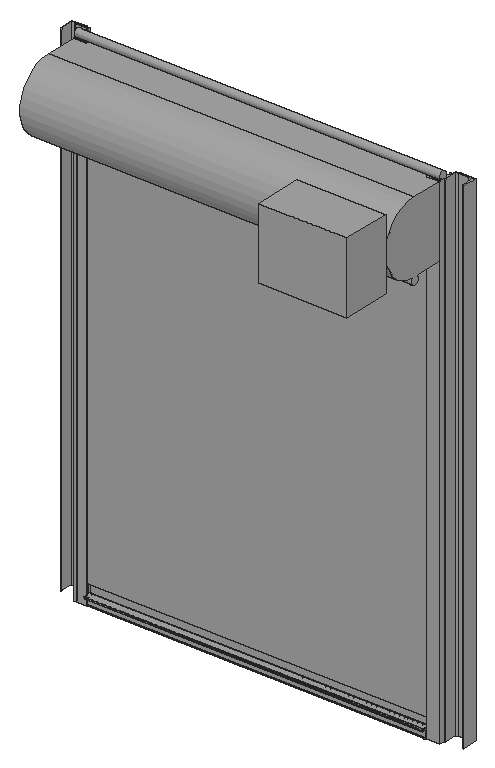
Revit family "Door-Fire_AlarmGard_BetweenJambMount_CornellIron", category Doors, host Wall, Revit 2013
Parameters (values of type "Motor Operated, Stainless Steel")
  Sizing Disclaimer = "30’ wide, 30’ high standard construction. Large Openings to 50’ wide, 40’ high consult factory. "  # constant formula
  Revit Object Download Link = "http://cornellcookson.smartbim.com/download/Door_Fire_AlarmGard_BetweenJambMount_CornellIron"
  Mounting = "Between Jambs"  # constant formula
  Motor = yes
  Function = Interior
  Curtain 2 5/8" slat = Stainless steel (curtain only)
  Chain = no
  Bottom Bar = Stainless steel (non-curtain components)
  Guides = Stainless steel (non-curtain components)
  Hood = Stainless steel (non-curtain components)
  URL Specifications = "http://www.cornelliron.com/docs/default-source/Specifications/fire-doors-specification.doc?sfvrsn=3"
  URL Photographs = "http://www.cornelliron.com/inspiration-customization/project-gallery"
  URL CAD = "http://www.cornelliron.com/architect-tools-and-resources/drawing-generator"
  URL = "http://www.cornelliron.com/fire.html"
  Subcategory = "Overhead Doors"  # constant formula
  Optional Powder Coated Finish, standard RAL colors, Galv. Steel only = no
  Operator = Operator : Motor Operator
  Representative Disclaimer = "Cornell products are sold and installed through a nationwide network of independent distributors."  # constant formula
  Distributor Locator = "http://www.cornelliron.com/contact-us"
  Operator Width = (Width - 2 * 0' 2 1/4")  # 7' - 7 1/2"
  Operation = ""
  From Coil Side Operate on Right = yes
  From Coil Side Operate on Left = not(From Coil Side Operate on Right)  # no
  Model = "ERD10 "  # constant formula
  Manufacturer = "Cornell Iron Works"  # constant formula
  LEED Information = "http://www.cornelliron.com/architect-tools-and-resources/leed-information"
  Height = 10' - 0"
  Wall Closure = By host
  Width = 8' - 0"
  Description = "Rated physical fire barriers, also security and access control. Not for part of required means of egress. "  # constant formula
  Operator Height = Height / 1.5  # 6' - 8"
  Assembly Code = "B2030410"
  95 CSI = "08330"  # constant formula
  Wall Construction = "Masonry or Steel"  # constant formula
  Listings = "UL Classified 4, 3, 1 ½, 1 and ¾ hour labels. Factory Mutual approval listing."  # constant formula
  Smoke Control = "UL leakage rated assembly “S” label available. "  # constant formula
  Windload = "A full range of specific wind load requirements available- consult Cornell. "  # constant formula
  Coil Dimension Note = "14In to 25In -  Consult Cornell when dimensions are critical."  # constant formula
  Jamb Dimension Note = "7 3/4In to 11In wide. Consult Cornell when dimensions are critical."  # constant formula
  04 CSI = "08 33 00"  # constant formula
Types (4): name | Motor | Curtain 2 5/8" slat | Chain | Bottom Bar | Guides | Hood | Operator | Operator Width | Height | Width | Operator Height
  Hand-Chain Operated, Galvanized Steel | no | Galvanized steel (curtain only) | yes | Galvanized or plain steel(non curtain components) | Galvanized or plain steel(non curtain components) | Galvanized or plain steel(non curtain components) | Operator : Hand-Chain | 5' - 7 1/2" | 8' - 0" | 6' - 0" | 5' - 4"
  Hand-Chain Operated, Stainless Steel | no | Stainless steel (curtain only) | yes | Stainless steel (non-curtain components) | Stainless steel (non-curtain components) | Stainless steel (non-curtain components) | Operator : Hand-Chain | 5' - 7 1/2" | 8' - 0" | 6' - 0" | 5' - 4"
  Motor Operated, Galvanized Steel | yes | Galvanized steel (curtain only) | no | Galvanized or plain steel(non curtain components) | Galvanized or plain steel(non curtain components) | Galvanized or plain steel(non curtain components) | Operator : Motor Operator | 5' - 7 1/2" | 8' - 0" | 6' - 0" | 5' - 4"
  Motor Operated, Stainless Steel | yes | Stainless steel (curtain only) | no | Stainless steel (non-curtain components) | Stainless steel (non-curtain components) | Stainless steel (non-curtain components) | Operator : Motor Operator | 7' - 7 1/2" | 10' - 0" | 8' - 0" | 6' - 8"
Reference planes (in)
  plane 1 "Center (Front/Back)": y = 0
  plane 2 "Center (Left/Right)": x = 36
  plane 3 "Left": x = -12
  plane 4 "Right": x = 84
  plane 5 "Top": z = 120
  plane 6 "Wall Edge": y = -3
  plane 7 "Left Edge of Hood": x = -18.75
  plane 8: y = -3
  plane 9 "Right Edge of Hood": x = 90.75
  plane 10 "Top of Hood": z = 142.35156
  plane 11: y = -21
  plane 12: z = 125
  plane 13 "Bottom Bar Alignment": y = -4.8765
  plane 14: z = 4.39975
  plane 15: y = -2.12013
  plane 16: x = -5.74865
  plane 17: x = 77.74865
  plane 18: x = -7.0625
  plane 19: z = 4.39975
  plane 20: x = 81.75
  plane 21: y = -10.65733
  plane 22: y = -18.31465
  plane 23: z = 111.32422
  plane 24: z = 102.64844
  plane 25: x = -15
  plane 26: y = -19.12488
  plane 27: y = -30.49988
  plane 28: y = -19.12488
Forms (in)
  Sweep 1, solid, material "Stainless steel (non-curtain components)" <- "Hood"
    path origin (0, -3, -22) x (-1, 0, 0) y (0, 0, 1)
      loop
        line (-79.5, 125) -> (7.5, 125)
    profile "Profile_Hood : Profile_Hood" origin (36, -3, 103) x (0, 0, 1) y (0, 1, 0)
      loop
        line (17.00521, 1.875) -> (0, 1.875) -> (0, -7.16941)
        arc (0, -7.16941) -> (-1.75191, -7.3972) -> (0, -7.625) r 0.89077
        arc (0, -7.625) -> (8.5, -16.125) -> (17, -7.625) r 8.5
        line (17, -7.625) -> (17, 0.77714)
        arc (17, 0.77714) -> (18.75706, 0.97356) -> (17.00521, 1.21203) r 0.89077
        line (17.00521, 1.21203) -> (17.00521, 1.875)
  Sweep 2, solid, material "Stainless steel (non-curtain components)" <- "Bottom Bar"
    path origin (-13.26514, -3, 48) x (-1, 0, 0) y (0, 0, 1)
      loop
        line (-89.51514, -48) -> (-9.01514, -48)
    profile "Profile_BottomBar : Profile_BottomBar" origin (36, -3, 0) x (0, 0, 1) y (0, 1, 0)
      loop
        arc (2.58725, 1.01891) -> (2.54306, 1.03721) -> (2.52475, 1.08141) r 0.0625
        line (2.52475, 1.08141) -> (2.52475, 2.83141)
        arc (2.52475, 2.83141) -> (2.50644, 2.8756) -> (2.46225, 2.89391) r 0.0625
        line (2.46225, 2.89391) -> (2.39975, 2.89391) -> (2.39975, 0.89391) -> (2.33875, 0.89391) -> (2.33875, 1.03591)
        arc (2.33875, 1.03591) -> (2.24825, 1.12641) -> (2.15775, 1.03591) r 0.0905
        line (2.15775, 1.03591) -> (2.15775, 0.94141) -> (2.09375, 0.94141) -> (2.09375, 2.72516) -> (1.96875, 2.72516) -> (1.96875, 1.97516)
        arc (1.96875, 1.97516) -> (1.93214, 1.88677) -> (1.84375, 1.85016) r 0.125
        line (1.84375, 1.85016) -> (0.25, 1.85016)
        arc (0.25, 1.85016) -> (0.07322, 1.77693) -> (0, 1.60016) r 0.25
        line (0, 1.60016) -> (0, 0.10016)
        arc (0, 0.10016) -> (0.07322, -0.07662) -> (0.25, -0.14984) r 0.25
        line (0.25, -0.14984) -> (1.84375, -0.14984)
        arc (1.84375, -0.14984) -> (1.93214, -0.18646) -> (1.96875, -0.27484) r 0.125
        line (1.96875, -0.27484) -> (1.96875, -1.02484) -> (2.09375, -1.02484) -> (2.09375, 0.81641) -> (2.15775, 0.81641) -> (2.15775, 0.72191)
        arc (2.15775, 0.72191) -> (2.24825, 0.63141) -> (2.33875, 0.72191) r 0.0905
        line (2.33875, 0.72191) -> (2.33875, 0.86391) -> (2.39975, 0.86391) -> (2.39975, -1.13609) -> (2.46225, -1.13609)
        arc (2.46225, -1.13609) -> (2.50644, -1.11779) -> (2.52475, -1.07359) r 0.0625
        line (2.52475, -1.07359) -> (2.52475, 0.67641)
        arc (2.52475, 0.67641) -> (2.54306, 0.7206) -> (2.58725, 0.73891) r 0.0625
        line (2.58725, 0.73891) -> (4.33725, 0.73891)
        arc (4.33725, 0.73891) -> (4.38144, 0.75721) -> (4.39975, 0.80141) r 0.0625
        line (4.39975, 0.80141) -> (4.39975, 0.95641)
        arc (4.39975, 0.95641) -> (4.38144, 1.0006) -> (4.33725, 1.01891) r 0.0625
        line (4.33725, 1.01891) -> (2.58725, 1.01891)
  Extrusion 3, solid, material "Stainless steel (non-curtain components)" <- "Hood"
    sketch origin (0, -0.73439, 101.99245) x (1, 0, 0) y (0, 1, 0)
      loop
        line (-7.0625, -0.39061) -> (79.0625, -0.39061) -> (79.0625, -0.26561) -> (-7.0625, -0.26561) -> (-7.0625, -0.39061)
    from 0.65599 to 18.00755
  Extrusion 4, solid, material "Stainless steel (curtain only)" <- "Curtain 2 5/8" slat"
    sketch origin (0, 0, 0) x (1, 0, 0) y (0, 1, 0)
      loop
        line (-6.4375, -1.875) -> (-6.4375, -2.5) -> (78.4375, -2.5) -> (78.4375, -1.875) -> (-6.4375, -1.875)
    from 4.39975 to 102.64844
Lines and regions (in)
  Opening 1
    outline origin (-90, -3, 0) x (1, 0, 0) y (0, 0, 1)
      loop
        line (78, 0) -> (174, 0) -> (174, 120) -> (78, 120) -> (78, 0)
  symbolic lines, style "Roller Chamber"
    curve 1: line (-7.5, -3, 0) -> (-12, -3, 0)
    curve 2: line (84, -3, 0) -> (79.5, -3, 0)
  symbolic lines, style "Doors"
    curve 3: line (78.4375, -1.875, 0) -> (-6.4375, -1.875, 0)
    curve 4: line (-6.4375, -1.875, 0) -> (-6.4375, -2.5, 0)
    curve 5: line (-6.4375, -2.5, 0) -> (78.4375, -2.5, 0)
    curve 6: line (78.4375, -2.5, 0) -> (78.4375, -1.875, 0)
    curve 7: line (-4.25, -0.10609, 0) -> (76.25, -0.10609, 0)
    curve 8: line (-4.25, -4.13609, 0) -> (-4.25, -2.5, 0)
    curve 9: line (76.25, -4.13609, 0) -> (-4.25, -4.13609, 0)
    curve 10: line (76.25, -0.10609, 0) -> (76.25, -1.875, 0)
    curve 11: line (-4.25, -1.875, 0) -> (-4.25, -0.10609, 0)
    curve 12: line (76.25, -2.5, 0) -> (76.25, -4.13609, 0)
Text (in)
  text "Exterior" at (-74.96733, 27.31104, 0), in view "Ref. Level"
  text "Interior" at (-74.96733, -25.14366, 0), in view "Ref. Level"
  text "Exterior" at (0, 40.15149, 123.01588), in view "Right"
  text "Interior" at (0, -64.39139, 123.01588), in view "Right"
  text "Interior" at (0, -63.63426, 123.00693), in view "Left"
  text "Exterior" at (0, 54.57065, 123.00693), in view "Left"
Dimensions and locks (in)
  equal spacing: plane 3 "Left", plane 2 "Center (Left/Right)", plane 4 "Right"
  "Height": level to plane 5 "Top"
  "Width": plane 3 "Left" to plane 4 "Right"
  locked: plane 7 "Left Edge of Hood" to plane 3 "Left" at 6.75
  locked: plane 8 to plane 6 "Wall Edge"
  locked: plane 9 "Right Edge of Hood" to plane 4 "Right" at 6.75
  locked: plane 8 to plane 11 at 18
  locked: plane 12 to plane 5 "Top" at 5
  locked: plane 10 "Top of Hood" to plane 12 at 17.35156
  locked: plane 13 "Bottom Bar Alignment" to plane 8 at 1.8765
  locked: level to plane 14 at 4.39975
  locked: plane 15 to host wall at 2.12013
  locked: plane 3 "Left" to plane 16 at 6.25135
  locked: plane 17 to plane 4 "Right" at 6.25135
  locked: Extrusion 3 sketch curve to Extrusion 3 sketch curve at 0.125
  locked: Extrusion 3 to Extrusion 3 at 0.125
  locked: plane 18 to plane 16 at 1.31385
  locked: level to plane 19 at 4.39975
  Extrusion 3 to Extrusion 3 = 1' - 5 45/128"
  equal spacing: Sweep 1, plane 20, plane 4 "Right"
  equal spacing: plane 6 "Wall Edge", plane 21, plane 22
  locked: plane 8 to plane 22 at 15.31465
  equal spacing: plane 5 "Top", plane 23, plane 24
  locked: plane 5 "Top" to plane 24 at 17.35156
  plane 25 to plane 3 "Left" to Sweep 1 = 0' - 3", 0' - 4 1/2"
  locked: plane 11 to plane 26 at 1.87512
  locked: Sweep 1 to Extrusion 3 sketch curve at 0
  locked: plane 18 to Extrusion 4 sketch curve at 0.625
  locked: Extrusion 4 sketch curve to nested 2 at 0.625
  locked: nested 2 to Extrusion 4 sketch curve at 0.25
  locked: Extrusion 4 sketch curve to Extrusion 4 sketch curve at 0.625
  Sweep 1 to Sweep 1 = 1' - 5"
  locked: plane 28 to plane 27 at 11.375
  locked: host wall to plane 28 at 16.12488
  aligned and locked: plane 3 "Left" to Opening 1 sketch curve
  aligned and locked: plane 5 "Top" to Opening 1 sketch curve  (x2)
  aligned and locked: Opening 1 sketch curve to plane 4 "Right"
  aligned and locked: Opening 1 sketch curve to level
  aligned and locked: plane 6 "Wall Edge" to host wall
  aligned and locked: plane 8 to nested 1
  aligned and locked: nested 2 to plane 8
  aligned and locked: nested 1 to Sweep 1 sketch curve
  aligned and locked: nested 2 to Sweep 1 sketch curve
  aligned and locked: plane 3 "Left" to nested 1
  aligned and locked: plane 4 "Right" to nested 2
  aligned and locked: plane 18 to nested 1
  aligned and locked: nested 1 to Extrusion 3
  aligned and locked: Extrusion 3 to nested 2
  aligned and locked: nested 2 to Sweep 2 sketch curve
  aligned and locked: nested 1 to Sweep 2 sketch curve
  aligned and locked: plane 3 "Left" to curve 1
  aligned and locked: Sweep 1 to curve 1
  aligned and locked: plane 6 "Wall Edge" to curve 1
  aligned and locked: plane 4 "Right" to curve 2
  aligned and locked: plane 6 "Wall Edge" to curve 2
  aligned and locked: Extrusion 4 to plane 19
  aligned and locked: Extrusion 4 to plane 24
  aligned and locked: plane 26 to nested 3  (x2)
  aligned and locked: nested 3 to plane 5 "Top"
  aligned and locked: plane 27 to nested 3
  aligned and locked: plane 28 to nested 3
  aligned and locked: Sweep 1 to plane 5 "Top"
  aligned and locked: plane 2 "Center (Left/Right)" to nested 3
  aligned and locked: plane 24 to Extrusion 3
  aligned and locked: Extrusion 3 to plane 5 "Top"
  aligned and locked: Sweep 1 to curve 2
  aligned and locked: level to nested 2
  aligned and locked: nested 1 to level
  aligned and locked: plane 19 to Sweep 2
  aligned and locked: curve 3 to Extrusion 4
  aligned and locked: curve 4 to Extrusion 4
  aligned and locked: curve 5 to Extrusion 4
  aligned and locked: curve 6 to Extrusion 4
  aligned and locked: curve 7 to Sweep 2
  aligned and locked: curve 8 to Sweep 2
  aligned and locked: curve 9 to Sweep 2
  aligned and locked: curve 10 to Sweep 2
Automatic sketch dimensions
  Sweep 1 sketch curve to plane 24 = 0' - 0 45/128"
  Sweep 2 sketch curve to level = 0' - 0"
  Extrusion 3 sketch curve to plane 18 = 0' - 0"
  plane 17 to Extrusion 3 sketch curve = 0' - 1.31385"
  curve 4 to plane 18 = 0' - 0 5/8"
  plane 15 to curve 6 = 0' - 0.24513"
  plane 17 to curve 6 = 0' - 0.68885"
  curve 6 to plane 15 = 0' - 0.37987"
  plane 15 to curve 11 = 0' - 0.24513"
  curve 12 to plane 15 = 0' - 0.37987"
  curve 9 to plane 17 = 0' - 1.49865"
  plane 15 to curve 10 = 0' - 0.24513"
  curve 11 to plane 16 = 0' - 1.49865"
  curve 8 to plane 15 = 0' - 0.37987"
Nested families (in)
  nested 1: "Jamb_Guide-Wall" at (-9.75, 1.75, 0), type "Guide"
    with Height 10' - 0"
  nested 2: "Jamb_Guide-Wall" at (81.75, 1.75, 0) x (-1, 0, 0) z (0, 0, 1), type "Guide"
    with Height 10' - 0"
  nested 3: "Operator" at (36, -1.12488, 31.50391), type <- "Operator", type "Motor Operator"
    with Width 8' - 0", Operator Height 6' - 8"
Definition of nested family "Jamb_Guide-Wall"
  Parameters (values of type "Guide")
    Height = 8' - 0"
    Guide = Galvanized or plain steel(non curtain components)
    Assembly Code = ""
  Reference planes (in)
    plane 1 "Center (Front/Back)": y = 0
    plane 2: z = 0
    plane 3 "Center (Left/Right)": x = 0
    plane 4: z = 96
    plane 5 "Center Line": x = 4.5
    plane 6: y = -0.25
    plane 7: y = -3.75
    plane 8: y = -3.5
    plane 9: x = 5.5
    plane 10: x = -2.25
    plane 11: y = 0.25
    plane 12: y = -4.75
    plane 13: y = -2.25
  Forms (in)
    Extrusion 1, solid, material "Galvanized or plain steel(non curtain components)" <- "Guide"
      sketch origin (0, 0, 0) x (1, 0, 0) y (0, 1, 0)
        loop
          line (-1, -0.25) -> (1.625, -0.25)
          arc (1.625, -0.25) -> (1.89017, -0.35983) -> (2, -0.625) r 0.375
          line (2, -0.625) -> (2, -3.25)
          arc (2, -3.25) -> (2.07322, -3.42678) -> (2.25, -3.5) r 0.25
          line (2.25, -3.5) -> (2.25, -4.75) -> (5.25, -4.75)
          arc (5.25, -4.75) -> (5.17678, -4.57322) -> (5, -4.5) r 0.25
          line (5, -4.5) -> (2.875, -4.5)
          arc (2.875, -4.5) -> (2.60983, -4.39017) -> (2.5, -4.125) r 0.375
          line (2.5, -4.125) -> (2.5, -3.062) -> (4, -3.062) -> (4, -3.4375) -> (4.75, -3.4375) -> (4.75, -3.062) -> (5.5, -3.062)
          arc (5.5, -3.062) -> (5.44508, -2.92942) -> (5.3125, -2.8745) r 0.1875
          line (5.3125, -2.8745) -> (3, -2.8745)
          arc (3, -2.8745) -> (2.77903, -2.78297) -> (2.6875, -2.562) r 0.3125
          line (2.6875, -2.562) -> (2.6875, -1.2495)
          arc (2.6875, -1.2495) -> (2.63258, -1.11692) -> (2.5, -1.062) r 0.1875
          line (2.5, -1.062) -> (2.5, -1.5)
          arc (2.5, -1.5) -> (2.42678, -1.32322) -> (2.25, -1.25) r 0.25
          line (2.25, -1.25) -> (2.25, 0) -> (-1.25, 0)
          arc (-1.25, 0) -> (-1.17678, -0.17678) -> (-1, -0.25) r 0.25
      from 0 to 96
    Extrusion 2, solid, material "Galvanized or plain steel(non curtain components)" <- "Guide"
      sketch origin (0, 0.25, 0) x (-1, 0, 0) y (0, -1, 0)
        loop
          arc (-1, 0.25) -> (-1.17678, 0.17678) -> (-1.25, 0) r 0.25
          line (-1.25, 0) -> (2.25, 0) -> (2.25, 3.5)
          arc (2.25, 3.5) -> (2.07322, 3.42678) -> (2, 3.25) r 0.25
          line (2, 3.25) -> (2, 0.625)
          arc (2, 0.625) -> (1.89017, 0.35983) -> (1.625, 0.25) r 0.375
          line (1.625, 0.25) -> (-1, 0.25)
      from 0 to 96
  Lines and regions (in)
    symbolic lines
      curve 1: line (2.25, 0, 0) -> (2.25, -4.75, 0)
      curve 2: line (2.5, -3.5, 0) -> (2.5, -1.5, 0)
      curve 3: line (4, -3.062, 0) -> (4.75, -3.062, 0)
    symbolic lines, style "GenericModel"
      curve 4: line (2.25, 0, 0) -> (-1.625, 0, 0)
      curve 5: line (-2, -3, 0) -> (-2, -0.375, 0)
      curve 6: arc (-2, -0.375, 0) -> (-1.89017, -0.10983, 0) -> (-1.625, 0, 0) r 0.375
      curve 7: arc (-2.25, -3.25, 0) -> (-2.07322, -3.17678, 0) -> (-2, -3, 0) r 0.25
      curve 8: line (-2.25, 0.25, 0) -> (-2.25, -3.25, 0)
      curve 9: line (1.25, 0.25, 0) -> (-2.25, 0.25, 0)
      curve 10: arc (1, 0, 0) -> (1.17678, 0.07322, 0) -> (1.25, 0.25, 0) r 0.25
      curve 11: line (-1, -0.25, 0) -> (1.625, -0.25, 0)
      curve 12: arc (-1.25, 0, 0) -> (-1.17678, -0.17678, 0) -> (-1, -0.25, 0) r 0.25
      curve 13: arc (1.625, -0.25, 0) -> (1.89017, -0.35983, 0) -> (2, -0.625, 0) r 0.375
      curve 14: line (2, -0.625, 0) -> (2, -3.25, 0)
      curve 15: arc (2, -3.25, 0) -> (2.07322, -3.42678, 0) -> (2.25, -3.5, 0) r 0.25
      curve 16: line (2.25, 0, 0) -> (2.25, -4.75, 0)
      curve 17: line (2.25, -4.75, 0) -> (5.25, -4.75, 0)
      curve 18: arc (5.25, -4.75, 0) -> (5.17678, -4.57322, 0) -> (5, -4.5, 0) r 0.25
      curve 19: line (5, -4.5, 0) -> (2.875, -4.5, 0)
      curve 20: arc (2.875, -4.5, 0) -> (2.60983, -4.39017, 0) -> (2.5, -4.125, 0) r 0.375
      curve 21: arc (2.5, -1.5, 0) -> (2.42678, -1.32322, 0) -> (2.25, -1.25, 0) r 0.25
      curve 22: arc (2.6875, -1.2495, 0) -> (2.63258, -1.11692, 0) -> (2.5, -1.062, 0) r 0.1875
      curve 23: line (2.6875, -2.562, 0) -> (2.6875, -1.2495, 0)
      curve 24: arc (3, -2.8745, 0) -> (2.77903, -2.78297, 0) -> (2.6875, -2.562, 0) r 0.3125
      curve 25: line (5.3125, -2.8745, 0) -> (3, -2.8745, 0)
      curve 26: arc (5.5, -3.062, 0) -> (5.44508, -2.92942, 0) -> (5.3125, -2.8745, 0) r 0.1875
      curve 27: line (4.75, -3.062, 0) -> (5.5, -3.062, 0)
      curve 28: line (4.75, -3.4375, 0) -> (4.75, -3.062, 0)
      curve 29: line (4, -3.4375, 0) -> (4.75, -3.4375, 0)
      curve 30: line (4, -3.062, 0) -> (4, -3.4375, 0)
      curve 31: line (2.5, -3.062, 0) -> (4.75, -3.062, 0)
      curve 32: line (2.5, -4.125, 0) -> (2.5, -1.062, 0)
  Dimensions and locks (in)
    "Height": plane 4 to plane 2
    locked: plane 3 "Center (Left/Right)" to plane 5 "Center Line" at 4.5
    equal spacing: plane 11, plane 13, plane 12
    aligned and locked: plane 2 to level
    aligned and locked: plane 1 "Center (Front/Back)" to Extrusion 1 sketch curve
    aligned and locked: plane 6 to Extrusion 1
    aligned and locked: plane 4 to Extrusion 1
    aligned and locked: plane 8 to curve 2
    aligned and locked: Extrusion 1 to curve 2
    aligned and locked: Extrusion 1 to curve 3
    aligned and locked: curve 3 to Extrusion 1
    aligned and locked: plane 4 to Extrusion 2
    aligned and locked: curve 4 to Extrusion 1
    aligned and locked: curve 5 to Extrusion 2
    aligned and locked: curve 6 to Extrusion 2
    aligned and locked: curve 7 to Extrusion 2
    aligned and locked: curve 8 to Extrusion 2
    aligned and locked: curve 9 to Extrusion 2
    aligned and locked: curve 10 to Extrusion 2
    aligned and locked: curve 12 to Extrusion 1
    aligned and locked: curve 13 to Extrusion 1
    aligned and locked: curve 15 to Extrusion 1
    aligned and locked: curve 16 to Extrusion 1
    aligned and locked: curve 17 to Extrusion 1
    aligned and locked: curve 18 to Extrusion 1
    aligned and locked: curve 20 to Extrusion 1
    aligned and locked: curve 21 to Extrusion 1
    aligned and locked: curve 22 to Extrusion 1
    aligned and locked: curve 24 to Extrusion 1
    aligned and locked: curve 26 to Extrusion 1
    aligned and locked: curve 27 to Extrusion 1
    aligned and locked: curve 28 to Extrusion 1
    aligned and locked: curve 29 to Extrusion 1
    aligned and locked: curve 31 to Extrusion 1
  Automatic sketch dimensions
    Extrusion 1 sketch curve to plane 6 = 0' - 0"
    Extrusion 1 sketch curve to plane 8 = 0' - 0"
    Extrusion 1 sketch curve to plane 3 "Center (Left/Right)" = 0' - 1 1/4"
    Extrusion 1 sketch curve to plane 6 = 0' - 0 3/8"
    plane 3 "Center (Left/Right)" to Extrusion 1 sketch curve = 0' - 1 5/8"
    Extrusion 1 sketch curve to Extrusion 1 sketch curve = 0' - 0 1/4"  (x5)
    Extrusion 1 sketch curve to Extrusion 1 sketch curve = 0' - 0 3/16"  (x2)
    Extrusion 1 sketch curve to Extrusion 1 sketch curve = 0' - 0 3/8"
    Extrusion 1 sketch curve to Extrusion 1 sketch curve = 0' - 0 5/16"
    Extrusion 1 sketch curve to plane 5 "Center Line" = 0' - 0 1/2"
    plane 5 "Center Line" to Extrusion 1 sketch curve = 0' - 0 1/4"
    plane 5 "Center Line" to Extrusion 1 sketch curve = 0' - 0 1/2"
    Extrusion 1 sketch curve to Extrusion 1 sketch curve = 0' - 0 9/16"
    plane 7 to Extrusion 1 sketch curve = 0' - 0 3/8"
    Extrusion 1 sketch curve to plane 8 = 0' - 0 1/16"
    Extrusion 1 sketch curve to Extrusion 1 sketch curve = 0' - 0.3755"  (x2)
    Extrusion 1 sketch curve to Extrusion 1 sketch curve = 0' - 0 7/8"
    Extrusion 1 sketch curve to Extrusion 1 sketch curve = 0' - 0.2505"
    Extrusion 2 sketch curve to plane 1 "Center (Front/Back)" = 0' - 0 1/4"
    plane 6 to Extrusion 2 sketch curve = 0' - 0 1/4"
    plane 3 "Center (Left/Right)" to Extrusion 2 sketch curve = 0' - 1 1/4"
    Extrusion 2 sketch curve to plane 6 = 0' - 0 1/8"
    Extrusion 2 sketch curve to plane 3 "Center (Left/Right)" = 0' - 1 5/8"
    Extrusion 2 sketch curve to plane 8 = 0' - 0 1/4"
    Extrusion 2 sketch curve to Extrusion 2 sketch curve = 0' - 0 1/4"
    curve 8 to plane 10 = 0' - 0"
    curve 8 to plane 8 = 0' - 0 1/4"
    curve 5 to plane 6 = 0' - 0 1/8"
    plane 10 to curve 5 = 0' - 0 1/4"
Definition of nested family "Operator"
  Parameters (values of type "Motor Operator")
    Width = 6' - 0"
    Straight = no
    Right Visibility = yes
    Operator Height = 5' - 4"
    Motor Visibility = not(Motor)  # no
    Motor = yes
    Material = Galvanized or plain steel(non curtain components)
    Left Visibility = no
    Chain = no
    Bottom Bar = Galvanized or plain steel(non curtain components)
    Assembly Code = ""
  Types (2): name | Straight | Motor Visibility | Motor | Chain
    Hand-Chain | yes | yes | no | yes
    Motor Operator | no | no | yes | no
  Reference planes (in)
    plane 1 "Center (Front/Back)": y = 0
    plane 2: z = 0
    plane 3 "Center (Left/Right)": x = 0
    plane 4: x = 36
    plane 5: x = -36
    plane 6: x = 31.5
    plane 7: x = -31.5
    plane 8: y = -18
  Lines and regions (in)
    symbolic lines, style "GenericModelHiddenLines", visible <- "Right Visibility"
      curve 1: line (-31.5, -18, 0) -> (10.5, -18, 0)
    symbolic lines, style "GenericModelHiddenLines", visible <- "Left Visibility"
      curve 2: line (-10.5, -18, 0) -> (31.5, -18, 0)
    symbolic lines, style "GenericModelHiddenLines", visible <- "Straight"
      curve 3: line (-31.5, -18, 0) -> (31.5, -18, 0)
    symbolic lines, style "GenericModelHiddenLines", visible <- "Motor Visibility"
      curve 4: line (-31.5, -18, 0) -> (31.5, -18, 0)
    symbolic lines, style "GenericModelHiddenLines"
      curve 5: line (-31.5, -18, 0) -> (-31.5, -1.875, 0)
      curve 6: line (31.5, -18, 0) -> (31.5, -1.875, 0)
  Dimensions and locks (in)
    equal spacing: plane 5, plane 3 "Center (Left/Right)", plane 4
    "Width": plane 5 to plane 4
    locked: plane 6 to plane 4 at 4.5
    locked: plane 5 to plane 7 at 4.5
    locked: plane 1 "Center (Front/Back)" to plane 8 at 18
    locked: curve 5 to plane 1 "Center (Front/Back)" at 1.875
    locked: curve 6 to plane 1 "Center (Front/Back)" at 1.875
    aligned and locked: nested 2 to nested 1  (x2)
    aligned and locked: nested 3 to plane 8
    aligned and locked: nested 2 to plane 8
    aligned and locked: nested 1 to plane 6
    aligned and locked: nested 3 to plane 7
    aligned and locked: nested 4 to plane 7
    aligned and locked: nested 4 to plane 8
    aligned and locked: nested 1 to curve 1
    aligned and locked: curve 1 to plane 8
    aligned and locked: nested 4 to curve 2
    aligned and locked: curve 2 to plane 8
    aligned and locked: plane 6 to curve 4
    aligned and locked: curve 5 to plane 7
    aligned and locked: plane 8 to curve 6
  Nested families (in)
    nested 1: "Pull-Down-Pole" at (37.375, -8.5, 0), visible <- "Right Visibility", type "Right Operator"
    nested 2: "Motor" at (10.5, -18, 0), visible <- "Right Visibility", type "Motor"
    nested 3: "Motor" at (-31.5, -18, 0), visible <- "Left Visibility", type "Motor 2"
    nested 4: "Pull-Down-Pole" at (-37.375, -8.5, 0) x (-1, 0, 0) z (0, 0, 1), visible <- "Left Visibility", type "Left Operator"
  Definition of nested family "Pull-Down-Pole"
    Parameters (values of type "Left Operator")
      Motor = yes
      Material = Galvanized or plain steel(non curtain components)
      Height = 5' - 4"
      Chain = no
      Bottom Bar = Galvanized or plain steel(non curtain components)
      Assembly Code = ""
    Types (2): name
      Left Operator
      Right Operator
    Reference planes (in)
      plane 1 "Center (Front/Back)": y = 0
      plane 2: z = 0
      plane 3 "Center (Left/Right)": x = 0
      plane 4: z = 64
      plane 5: y = -9.5
      plane 6: y = -20.875
      plane 7: x = -26.875
    Forms (in)
      Extrusion 1, solid, material "Galvanized or plain steel(non curtain components)" <- "Material", visible <- "Motor"
        sketch origin (0, 0, 0) x (1, 0, 0) y (0, 0, 1)
          loop
            line (-26.875, 72.49609) -> (-26.875, 55.49609) -> (-5.875, 55.49609) -> (-5.875, 72.49609) -> (-26.875, 72.49609)
        from 9.5 to 20.875
      Sweep 2, solid, material "Galvanized or plain steel(non curtain components)" <- "Material", visible <- "Chain"
        path origin (0, 2, 0) x (1, 0, 0) y (0, 0, 1)
          loop
            line (-4.875, 64) -> (-4.875, 0)
            arc (-4.875, 0) -> (-3.75, -1.125) -> (-2.625, 0) r 1.125
            line (-2.625, 0) -> (-2.625, 64)
        profile origin (-4.875, 2, 32) x (0, -1, 0) y (1, 0, 0)
          loop
            circle (0, 0) r 0.15023
      Extrusion 3, solid, material "Galvanized or plain steel(non curtain components)" <- "Bottom Bar", visible <- "Chain"
        sketch origin (54.75, -180, 26.95339) x (0, 0, 1) y (0, -1, 0)
          loop
            line (28.56386, -188.5) -> (45.54661, -188.5) -> (45.54661, -179)
            arc (45.54661, -179) -> (37.31743, -170.50432) -> (28.56386, -178.45863) r 8.5
            line (28.56386, -178.45863) -> (28.56386, -188.5)
        from -56.125 to -60.625
    Dimensions and locks (in)
      "Height": plane 4 to level
      locked: Extrusion 1 sketch curve to Extrusion 1 sketch curve at 21
      locked: plane 4 to Extrusion 1 sketch curve at 8.50391
      locked: Extrusion 1 sketch curve to plane 4 at 8.49609
      locked: plane 1 "Center (Front/Back)" to plane 5 at 9.5
      locked: plane 5 to plane 6 at 11.375
      locked: Sweep 2 sketch curve to Extrusion 1 at 1
      locked: plane 3 "Center (Left/Right)" to Extrusion 3 at 1.375
      locked: Extrusion 3 to Extrusion 1 at 0
      locked: plane 3 "Center (Left/Right)" to Extrusion 1 sketch curve at 5.875
      aligned and locked: plane 5 to Extrusion 1
      aligned and locked: plane 6 to Extrusion 1
      aligned and locked: level to Sweep 2 sketch curve
      aligned and locked: plane 4 to Sweep 2 sketch curve  (x2)
    Automatic sketch dimensions
      Sweep 2 sketch curve to plane 1 "Center (Front/Back)" = 0' - 2"
      Sweep 2 sketch curve to profile plane = 0' - 0"
      Sweep 2 sketch curve to Sweep 2 sketch curve = 0' - 1 1/8"
      plane 5 to Extrusion 3 sketch curve = 0' - 7.95863"
      Extrusion 3 sketch curve to Extrusion 3 sketch curve = 0' - 8.48274"
      Extrusion 3 sketch curve to plane 4 = 0' - 8.48274"
      plane 4 to Extrusion 3 sketch curve = 0' - 8 1/2"
      Extrusion 3 sketch curve to plane 1 "Center (Front/Back)" = 0' - 8 1/2"
      radius of Sweep 2 sketch curve = 0' - 0.15023"
  Definition of nested family "Motor"
    Parameters
      Motor = yes
    Reference planes (in)
      plane 1 "Center (Front/Back)": y = 0
      plane 2: z = 0
      plane 3 "Center (Left/Right)": x = 0
    Lines and regions (in)
      symbolic lines, style "GenericModelHiddenLines", visible <- "Motor"
        curve 1: line (0, 0, 0) -> (0, -11.375, 0)
        curve 2: line (0, -11.375, 0) -> (21, -11.375, 0)
        curve 3: line (21, -11.375, 0) -> (21, 0, 0)
